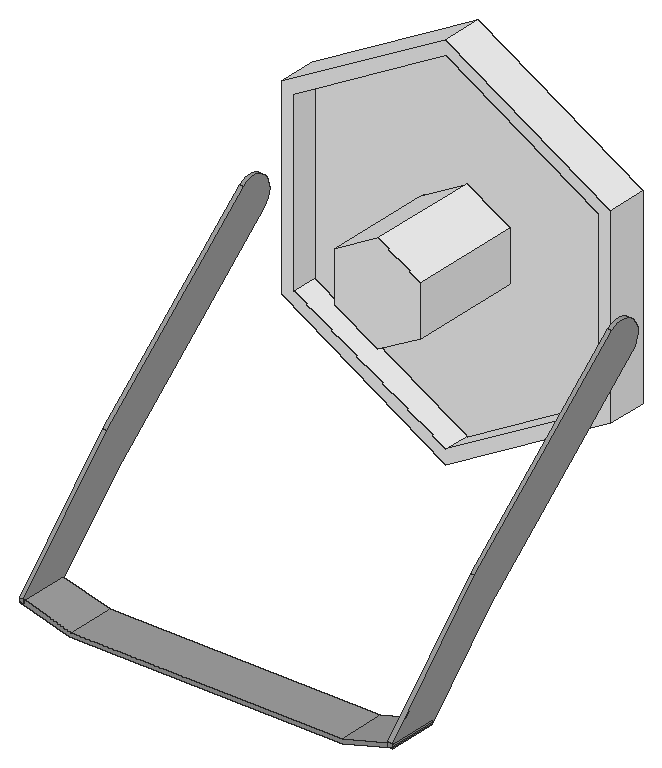
Revit family "Lighting-Floodlights-GEWISS-ESALITE-FL-LED_16K_DALI", category Apparecchi per illuminazione, host Superficie, Revit 2019 (continued)
Definition of nested family "Dal basso - FL"
  Lines and regions (mm)
    detail lines, in view "Livello rif."
      curve 96: line (225.006, 145.132, 0) -> (226.342, 142.813, 0)
      curve 97: line (212.5, 149.268, 0) -> (212.5, 150.475, 0)
      curve 98: line (212.5, 150.475, 0) -> (215.5, 150.475, 0)
      curve 99: line (80.012, 72.329, 0) -> (27.031, 65.537, 0)
      curve 100: arc (26.422, 62.752, 0) -> (26.601, 64.172, 0) -> (27.031, 65.537, 0) r 8
      curve 101: line (26.383, 61.637, 0) -> (26.411, 62.456, 0)
      curve 102: line (26.411, 62.456, 0) -> (26.423, 62.777, 0)
      curve 103: line (26.383, 61.637, 0) -> (25.755, 43.659, 0)
Types (12, lengths in mm): name | Versions | Technical sheet | Optic | Numero poli | Nominal flux (lm) | built-in parameter 1150142 | Modello | Lumen output (lm) | IDT | File diagramma fotometrico | Descrizione | Colour temperature:
  GWS6432GD - ESALITE 16K 30° 4000K PRO+V.GR.DALI | "4000K natural light" | "https://www.gewiss.com/ww/en/search?q=GWS6432GD" | "30°" | 2 | "17000" | "IESNA:LM-63-2002\r\n[TEST] GWS6432GD\r\n[TESTLAB] GEWISS\r\n[TESTDATE] 31 Aug 2018\r\n[ISSUEDATE] 31 Aug 2018\r\n[MANUFAC] GEWISS\r\n[LUMCAT] GWS6432GD\r\n[LUMINAIRE] ESALITE FL 16K+GLAS 30° GR. DALI LED840\r\n[FLASHAREA] 0.030706\r\n[LAMPCAT] LED 125W/4000K - 13300lm\r\n[LAMP] LED 125W/4000K - 13300lm\r\nTILT=NONE\r\n1 13300.00 1.0 34 19 1 2 -0.402 -0.402 0.000\r\n1.00 1.00 125.00\r\n0.00 1.00 2.00 3.00 4.00 5.00 6.00 7.00 8.00 9.00 10.00 \r\n11.00 12.00 13.00 14.00 15.00 17.50 20.00 22.50 25.00 \r\n27.50 30.00 35.00 40.00 45.00 50.00 55.00 60.00 65.00 \r\n70.00 75.00 80.00 85.00 90.00 \r\n0.00 5.00 10.00 15.00 20.00 25.00 30.00 35.00 40.00 45.00 \r\n50.00 55.00 60.00 65.00 70.00 75.00 80.00 85.00 90.00 \r\n24658.20 24466.68 23947.98 23127.37 22184.40 20994.05 \r\n19687.99 18227.65 16761.99 15283.03 13954.36 12860.97 \r\n12108.05 11583.37 11203.52 10894.83 10023.15 8824.82 \r\n7497.61 6449.17 5694.53 5016.23 3665.48 2384.82 996.29 \r\n789.94 790.91 885.99 766.97 615.52 464.36 298.97 113.07 \r\n0.38 \r\n24658.20 24453.38 23936.01 23124.71 22176.42 21011.34 \r\n19706.61 18255.58 16799.23 15330.91 14015.54 12931.19 \r\n12186.39 11659.05 11281.59 10976.49 10109.86 8908.61 \r\n7575.68 6509.55 5740.68 5056.26 3692.88 2399.99 998.86 \r\n789.26 789.81 883.89 769.21 615.72 467.03 303.44 113.92 \r\n0.38 \r\n24658.20 24460.03 23941.33 23128.70 22172.43 21011.34 \r\n19699.96 18247.60 16783.27 15309.63 13987.61 12908.98 \r\n12160.59 11627.92 11252.33 10945.77 10083.93 8881.34 \r\n7561.32 6487.21 5721.79 5042.96 3689.55 2393.47 999.19 \r\n791.03 790.29 879.89 771.03 613.83 472.95 306.95 114.95 \r\n0.40 \r\n24658.20 24460.03 23942.66 23138.01 22176.42 20998.04 \r\n19684.00 18231.64 16760.66 15281.70 13961.01 12891.42 \r\n12138.11 11599.46 11226.00 10917.84 10078.74 8877.75 \r\n7564.77 6473.78 5705.43 5038.71 3695.67 2394.27 1001.25 \r\n790.55 789.46 876.78 770.43 612.68 481.83 309.24 113.15 \r\n0.42 \r\n24658.20 24461.36 23942.66 23152.64 22199.03 21019.32 \r\n19706.61 18255.58 16789.92 15316.28 13991.60 12913.77 \r\n12152.74 11612.36 11235.57 10929.01 10108.66 8919.65 \r\n7599.22 6492.00 5709.82 5048.81 3708.71 2392.94 1000.57 \r\n790.58 789.42 871.93 770.07 614.99 491.05 311.79 110.93 \r\n0.44 \r\n24658.20 24460.03 23942.66 23157.96 22195.04 21008.68 \r\n19701.29 18252.92 16783.27 15308.30 13992.93 12914.70 \r\n12155.80 11611.96 11227.06 10922.63 10112.39 8925.50 \r\n7598.42 6483.09 5696.66 5042.30 3722.14 2400.52 1004.24 \r\n791.40 789.34 873.56 772.30 617.75 492.53 310.71 109.94 \r\n0.46 \r\n24658.20 24461.36 23937.34 23140.67 22201.69 21011.34 \r\n19703.95 18244.94 16772.63 15293.67 13983.62 12893.55 \r\n12135.85 11589.89 11202.46 10892.04 10092.71 8919.11 \r\n7594.70 6473.78 5679.77 5028.46 3724.53 2401.45 1003.74 \r\n789.62 786.56 871.36 771.05 616.34 492.55 308.44 106.93 \r\n0.48 \r\n24658.20 24461.36 23955.96 23165.94 22224.30 21044.59 \r\n19727.89 18276.86 16811.20 15337.56 14019.53 12923.48 \r\n12169.77 11624.73 11233.85 10920.10 10126.62 8955.42 \r\n7622.90 6491.73 5686.68 5036.98 3737.97 2409.56 1005.35 \r\n791.50 787.73 873.94 774.92 617.86 494.32 308.97 108.08 \r\n0.51 \r\n24658.20 24453.38 23941.33 23156.63 22208.34 21033.95 \r\n19709.27 18260.90 16797.90 15321.60 14004.90 12902.86 \r\n12146.09 11596.80 11203.26 10889.38 10097.36 8924.43 \r\n7598.42 6467.92 5664.60 5023.68 3734.37 2406.90 1007.53 \r\n791.78 786.87 874.77 775.39 614.66 493.72 309.24 108.11 \r\n0.52 \r\n24658.20 24446.73 23942.66 23165.94 22211.00 21032.62 \r\n19709.27 18255.58 16792.58 15312.29 13992.93 12891.29 \r\n12136.52 11586.43 11195.41 10879.40 10088.45 8923.77 \r\n7607.60 6475.37 5667.80 5026.34 3736.24 2407.30 1007.48 \r\n790.51 786.22 879.32 775.72 611.57 485.84 305.87 110.33 \r\n0.55 \r\n24658.20 24460.03 23955.96 23184.56 22229.62 21049.91 \r\n19723.90 18266.22 16801.89 15317.61 13992.93 12888.23 \r\n12129.47 11572.60 11179.98 10861.18 10070.09 8909.94 \r\n7599.22 6464.07 5658.35 5016.36 3729.05 2404.64 1006.93 \r\n790.30 786.12 888.88 776.73 613.78 474.32 305.87 112.43 \r\n0.58 \r\n24658.20 24466.68 23961.28 23180.57 22237.60 21067.20 \r\n19727.89 18266.22 16799.23 15318.94 14002.24 12904.33 \r\n12142.90 11585.50 11186.10 10861.31 10054.93 8892.78 \r\n7586.99 6459.15 5661.54 5014.50 3727.86 2404.24 1011.15 \r\n791.32 786.75 893.44 774.07 615.39 468.20 299.45 110.44 \r\n0.61 \r\n24658.20 24466.68 23973.25 23192.54 22246.91 21089.81 \r\n19755.82 18298.14 16837.80 15361.50 14047.46 12954.07 \r\n12187.06 11630.98 11223.47 10890.71 10076.48 8912.86 \r\n7607.33 6490.00 5695.33 5037.64 3732.78 2412.22 1016.20 \r\n792.03 787.57 895.45 775.46 617.57 468.67 296.39 109.85 \r\n0.63 \r\n24658.20 24460.03 23955.96 23184.56 22229.62 21076.51 \r\n19742.52 18278.19 16812.53 15333.57 14012.88 12921.61 \r\n12151.94 11595.21 11179.58 10845.35 10025.81 8865.91 \r\n7571.56 6475.77 5693.07 5036.71 3726.79 2409.30 1014.19 \r\n789.49 784.91 890.33 773.46 613.94 467.57 300.69 110.60 \r\n0.65 \r\n24658.20 24473.33 23974.58 23196.53 22246.91 21085.82 \r\n19745.18 18287.50 16824.50 15346.87 14028.84 12947.15 \r\n12181.87 11622.21 11203.39 10858.25 10025.94 8861.66 \r\n7568.36 6478.56 5702.38 5041.76 3729.99 2411.29 1015.55 \r\n791.27 786.27 886.64 776.72 613.21 470.67 304.10 109.31 \r\n0.67 \r\n24658.20 24468.01 23969.26 23197.86 22249.57 21096.46 \r\n19761.14 18307.45 16847.11 15372.14 14055.44 12992.90 \r\n12226.82 11665.56 11237.44 10885.78 10036.58 8858.47 \r\n7566.50 6488.41 5722.86 5056.93 3738.36 2417.01 1018.95 \r\n792.07 786.81 881.62 776.85 613.12 486.99 300.15 106.61 \r\n0.70 \r\n24658.20 24474.66 23975.91 23196.53 22261.54 21093.80 \r\n19755.82 18288.83 16819.18 15334.90 14004.90 12947.82 \r\n12181.20 11619.01 11185.83 10831.25 9966.36 8786.65 \r\n7517.56 6461.01 5710.49 5046.02 3728.39 2412.09 1018.38 \r\n792.13 786.12 875.27 774.37 611.19 490.24 300.91 102.98 \r\n0.71 \r\n24658.20 24474.66 23969.26 23197.86 22241.59 21108.43 \r\n19763.80 18299.47 16832.48 15348.20 14014.21 12974.95 \r\n12210.60 11643.49 11213.76 10860.65 9990.96 8802.07 \r\n7534.05 6473.64 5725.25 5057.59 3735.70 2420.47 1021.72 \r\n792.03 786.43 874.40 774.50 611.14 489.04 301.60 103.63 \r\n0.74 \r\n24658.20 24466.68 23961.28 23196.53 22266.86 21105.77 \r\n19782.42 18311.44 16843.12 15364.16 14028.84 12994.50 \r\n12230.15 11664.10 11245.55 10885.92 9997.34 8793.03 \r\n7520.49 6463.93 5713.68 5046.69 3730.52 2419.67 1020.35 \r\n792.36 786.88 873.56 773.09 612.33 486.17 309.04 101.54 \r\n0.74 \r\n" | "GWS6432GD" | "13300" | "0d2922fd50f54898bb1e4a8825be31cf" | "GWS6432GD.IES" | "ESALITE 16K 30° 4000K PRO+V.GR.DALI" | "4000 K (CRI>80)"
  GWS6432GD30K - ESALITE 16K 30° 3000K PRO+V.GR.DALI | "3000K warm light" | "https://www.gewiss.com/ww/en/search?q=GWS6432GD30K" | "30°" | 1 | "16000" | "IESNA:LM-63-2002\r\n[TEST] GWS6432GD30K\r\n[TESTLAB] GEWISS\r\n[TESTDATE] 31 Aug 2018\r\n[ISSUEDATE] 31 Aug 2018\r\n[MANUFAC] GEWISS\r\n[LUMCAT] GWS6432GD30K\r\n[LUMINAIRE] ESALITE FL 16K+GLAS 30° GR. DALI LED830\r\n[FLASHAREA] 0.030706\r\n[LAMPCAT] LED 125W/3000K - 12300lm\r\n[LAMP] LED 125W/3000K - 12300lm\r\nTILT=NONE\r\n1 12300.00 1.0 34 19 1 2 -0.402 -0.402 0.000\r\n1.00 1.00 125.00\r\n0.00 1.00 2.00 3.00 4.00 5.00 6.00 7.00 8.00 9.00 10.00 \r\n11.00 12.00 13.00 14.00 15.00 17.50 20.00 22.50 25.00 \r\n27.50 30.00 35.00 40.00 45.00 50.00 55.00 60.00 65.00 \r\n70.00 75.00 80.00 85.00 90.00 \r\n0.00 5.00 10.00 15.00 20.00 25.00 30.00 35.00 40.00 45.00 \r\n50.00 55.00 60.00 65.00 70.00 75.00 80.00 85.00 90.00 \r\n22804.20 22627.08 22147.38 21388.47 20516.40 19415.55 \r\n18207.69 16857.15 15501.69 14133.93 12905.16 11893.98 \r\n11197.67 10712.44 10361.15 10075.67 9269.53 8161.30 \r\n6933.88 5964.27 5266.37 4639.07 3389.88 2205.51 921.38 \r\n730.55 731.44 819.38 709.30 569.24 429.44 276.49 104.57 \r\n0.35 \r\n22804.20 22614.78 22136.31 21386.01 20509.02 19431.54 \r\n18224.91 16882.98 15536.13 14178.21 12961.74 11958.92 \r\n11270.12 10782.43 10433.35 10151.19 9349.72 8238.79 \r\n7006.08 6020.11 5309.05 4676.09 3415.22 2219.53 923.75 \r\n729.92 730.42 817.43 711.37 569.43 431.91 280.62 105.35 \r\n0.35 \r\n22804.20 22620.93 22141.23 21389.70 20505.33 19431.54 \r\n18218.76 16875.60 15521.37 14158.53 12935.91 11938.38 \r\n11246.26 10753.64 10406.29 10122.78 9325.74 8213.57 \r\n6992.80 5999.45 5291.58 4663.79 3412.14 2213.51 924.06 \r\n731.55 730.87 813.73 713.06 567.68 437.39 283.87 106.31 \r\n0.37 \r\n22804.20 22620.93 22142.46 21398.31 20509.02 19419.24 \r\n18204.00 16860.84 15500.46 14132.70 12911.31 11922.14 \r\n11225.47 10727.32 10381.94 10096.95 9320.94 8210.25 \r\n6995.99 5987.03 5276.45 4659.86 3417.80 2214.25 925.97 \r\n731.11 730.10 810.85 712.50 566.61 445.60 285.99 104.64 \r\n0.38 \r\n22804.20 22622.16 22142.46 21411.84 20529.93 19438.92 \r\n18224.91 16882.98 15527.52 14164.68 12939.60 11942.81 \r\n11239.00 10739.25 10390.79 10107.28 9348.61 8249.00 \r\n7027.85 6003.88 5280.51 4669.20 3429.86 2213.02 925.34 \r\n731.14 730.07 806.38 712.17 568.75 454.13 288.35 102.59 \r\n0.40 \r\n22804.20 22620.93 22142.46 21416.76 20526.24 19429.08 \r\n18219.99 16880.52 15521.37 14157.30 12940.83 11943.67 \r\n11241.83 10738.88 10382.92 10101.38 9352.06 8254.41 \r\n7027.11 5995.64 5268.34 4663.18 3442.28 2220.03 928.74 \r\n731.90 729.99 807.88 714.24 571.30 455.49 287.35 101.67 \r\n0.43 \r\n22804.20 22622.16 22137.54 21400.77 20532.39 19431.54 \r\n18222.45 16873.14 15511.53 14143.77 12932.22 11924.11 \r\n11223.38 10718.47 10360.17 10073.09 9333.86 8248.50 \r\n7023.67 5987.03 5252.72 4650.38 3444.49 2220.89 928.27 \r\n730.25 727.42 805.85 713.08 569.99 455.52 285.25 98.89 \r\n0.45 \r\n22804.20 22622.16 22154.76 21424.14 20553.30 19462.29 \r\n18244.59 16902.66 15547.20 14184.36 12965.43 11951.79 \r\n11254.75 10750.69 10389.19 10099.04 9365.22 8282.08 \r\n7049.74 6003.63 5259.11 4658.26 3456.92 2228.39 929.76 \r\n731.99 728.50 808.23 716.66 571.41 457.15 285.74 99.95 \r\n0.47 \r\n22804.20 22614.78 22141.23 21415.53 20538.54 19452.45 \r\n18227.37 16887.90 15534.90 14169.60 12951.90 11932.72 \r\n11232.85 10724.86 10360.91 10070.63 9338.16 8253.42 \r\n7027.11 5981.61 5238.69 4645.96 3453.59 2225.93 931.77 \r\n732.24 727.70 809.00 717.09 568.44 456.60 285.99 99.98 \r\n0.49 \r\n22804.20 22608.63 22142.46 21424.14 20541.00 19451.22 \r\n18227.37 16882.98 15529.98 14160.99 12940.83 11922.02 \r\n11224.00 10715.27 10353.65 10061.40 9329.92 8252.81 \r\n7035.60 5988.50 5241.65 4648.42 3455.32 2226.30 931.73 \r\n731.08 727.10 813.20 717.40 565.59 449.31 282.88 102.03 \r\n0.51 \r\n22804.20 22620.93 22154.76 21441.36 20558.22 19467.21 \r\n18240.90 16892.82 15538.59 14165.91 12940.83 11919.19 \r\n11217.48 10702.48 10339.38 10044.55 9312.94 8240.02 \r\n7027.85 5978.05 5232.91 4639.19 3448.67 2223.84 931.22 \r\n730.88 727.02 822.05 718.33 567.63 438.65 282.88 103.98 \r\n0.54 \r\n22804.20 22627.08 22159.68 21437.67 20565.60 19483.20 \r\n18244.59 16892.82 15536.13 14167.14 12949.44 11934.08 \r\n11229.90 10714.41 10345.04 10044.67 9298.92 8224.15 \r\n7016.54 5973.49 5235.86 4637.47 3447.57 2223.47 935.12 \r\n731.83 727.59 826.26 715.87 569.12 433.00 276.93 102.14 \r\n0.56 \r\n22804.20 22627.08 22170.75 21448.74 20574.21 19504.11 \r\n18270.42 16922.34 15571.80 14206.50 12991.26 11980.08 \r\n11270.74 10756.47 10379.60 10071.86 9318.85 8242.72 \r\n7035.35 6002.03 5267.11 4658.87 3452.12 2230.85 939.79 \r\n732.48 728.36 828.12 717.15 571.14 433.43 274.11 101.59 \r\n0.58 \r\n22804.20 22620.93 22154.76 21441.36 20558.22 19491.81 \r\n18258.12 16903.89 15548.43 14180.67 12959.28 11950.07 \r\n11238.26 10723.39 10339.01 10029.91 9271.99 8199.30 \r\n7002.27 5988.87 5265.02 4658.01 3446.58 2228.14 937.94 \r\n730.13 725.90 823.39 715.31 567.78 432.42 278.08 102.28 \r\n0.60 \r\n22804.20 22633.23 22171.98 21452.43 20574.21 19500.42 \r\n18260.58 16912.50 15559.50 14192.97 12974.04 11973.68 \r\n11265.94 10748.36 10361.03 10041.84 9272.11 8195.37 \r\n6999.31 5991.45 5273.63 4662.68 3449.53 2229.99 939.19 \r\n731.78 727.15 819.98 718.32 567.10 435.28 281.24 101.09 \r\n0.62 \r\n22804.20 22628.31 22167.06 21453.66 20576.67 19510.26 \r\n18275.34 16930.95 15580.41 14216.34 12998.64 12015.99 \r\n11307.51 10788.45 10392.52 10067.30 9281.95 8192.41 \r\n6997.59 6000.56 5292.57 4676.71 3457.28 2235.28 942.34 \r\n732.51 727.66 815.33 718.44 567.02 450.38 277.59 98.60 \r\n0.64 \r\n22804.20 22634.46 22173.21 21452.43 20587.74 19507.80 \r\n18270.42 16913.73 15554.58 14181.90 12951.90 11974.30 \r\n11265.32 10745.40 10344.79 10016.87 9217.01 8125.99 \r\n6952.33 5975.22 5281.13 4666.62 3448.06 2230.73 941.81 \r\n732.58 727.02 809.46 716.14 565.23 453.38 278.29 95.23 \r\n0.66 \r\n22804.20 22634.46 22167.06 21453.66 20569.29 19521.33 \r\n18277.80 16923.57 15566.88 14194.20 12960.51 11999.39 \r\n11292.51 10768.04 10370.62 10044.06 9239.76 8140.26 \r\n6967.58 5986.90 5294.78 4677.32 3454.82 2238.48 944.90 \r\n732.48 727.30 808.65 716.27 565.19 452.27 278.93 95.84 \r\n0.68 \r\n22804.20 22627.08 22159.68 21452.43 20592.66 19518.87 \r\n18295.02 16934.64 15576.72 14208.96 12974.04 12017.47 \r\n11310.59 10787.10 10400.02 10067.43 9245.66 8131.90 \r\n6955.04 5977.92 5284.08 4667.24 3450.03 2237.74 943.63 \r\n732.78 727.72 807.88 714.96 566.29 449.61 285.80 93.90 \r\n0.68 \r\n" | "GWS6432GD30K" | "12300" | "7580a658f19e41a0b2273319b9f35356" | "GWS6432GD30K.IES" | "ESALITE 16K 30° 3000K PRO+V.GR.DALI" | "3000 K (CRI>80)"
  GWS6432GD57K - ESALITE 16K 30° 5700K PRO+V.GR.DALI | "5700K cold light" | "https://www.gewiss.com/ww/en/search?q=GWS6432GD57K" | "30°" | 1 | "17000" | "IESNA:LM-63-2002\r\n[TEST] GWS6432GD57K\r\n[TESTLAB] GEWISS\r\n[TESTDATE] 31 Aug 2018\r\n[ISSUEDATE] 31 Aug 2018\r\n[MANUFAC] GEWISS\r\n[LUMCAT] GWS6432GD57K\r\n[LUMINAIRE] ESALITE FL 16K+GLAS 30° GR. DALI LED857\r\n[FLASHAREA] 0.030706\r\n[LAMPCAT] LED 125W/5700K - 13300lm\r\n[LAMP] LED 125W/5700K - 13300lm\r\nTILT=NONE\r\n1 13300.00 1.0 34 19 1 2 -0.402 -0.402 0.000\r\n1.00 1.00 125.00\r\n0.00 1.00 2.00 3.00 4.00 5.00 6.00 7.00 8.00 9.00 10.00 \r\n11.00 12.00 13.00 14.00 15.00 17.50 20.00 22.50 25.00 \r\n27.50 30.00 35.00 40.00 45.00 50.00 55.00 60.00 65.00 \r\n70.00 75.00 80.00 85.00 90.00 \r\n0.00 5.00 10.00 15.00 20.00 25.00 30.00 35.00 40.00 45.00 \r\n50.00 55.00 60.00 65.00 70.00 75.00 80.00 85.00 90.00 \r\n24658.20 24466.68 23947.98 23127.37 22184.40 20994.05 \r\n19687.99 18227.65 16761.99 15283.03 13954.36 12860.97 \r\n12108.05 11583.37 11203.52 10894.83 10023.15 8824.82 \r\n7497.61 6449.17 5694.53 5016.23 3665.48 2384.82 996.29 \r\n789.94 790.91 885.99 766.97 615.52 464.36 298.97 113.07 \r\n0.38 \r\n24658.20 24453.38 23936.01 23124.71 22176.42 21011.34 \r\n19706.61 18255.58 16799.23 15330.91 14015.54 12931.19 \r\n12186.39 11659.05 11281.59 10976.49 10109.86 8908.61 \r\n7575.68 6509.55 5740.68 5056.26 3692.88 2399.99 998.86 \r\n789.26 789.81 883.89 769.21 615.72 467.03 303.44 113.92 \r\n0.38 \r\n24658.20 24460.03 23941.33 23128.70 22172.43 21011.34 \r\n19699.96 18247.60 16783.27 15309.63 13987.61 12908.98 \r\n12160.59 11627.92 11252.33 10945.77 10083.93 8881.34 \r\n7561.32 6487.21 5721.79 5042.96 3689.55 2393.47 999.19 \r\n791.03 790.29 879.89 771.03 613.83 472.95 306.95 114.95 \r\n0.40 \r\n24658.20 24460.03 23942.66 23138.01 22176.42 20998.04 \r\n19684.00 18231.64 16760.66 15281.70 13961.01 12891.42 \r\n12138.11 11599.46 11226.00 10917.84 10078.74 8877.75 \r\n7564.77 6473.78 5705.43 5038.71 3695.67 2394.27 1001.25 \r\n790.55 789.46 876.78 770.43 612.68 481.83 309.24 113.15 \r\n0.42 \r\n24658.20 24461.36 23942.66 23152.64 22199.03 21019.32 \r\n19706.61 18255.58 16789.92 15316.28 13991.60 12913.77 \r\n12152.74 11612.36 11235.57 10929.01 10108.66 8919.65 \r\n7599.22 6492.00 5709.82 5048.81 3708.71 2392.94 1000.57 \r\n790.58 789.42 871.93 770.07 614.99 491.05 311.79 110.93 \r\n0.44 \r\n24658.20 24460.03 23942.66 23157.96 22195.04 21008.68 \r\n19701.29 18252.92 16783.27 15308.30 13992.93 12914.70 \r\n12155.80 11611.96 11227.06 10922.63 10112.39 8925.50 \r\n7598.42 6483.09 5696.66 5042.30 3722.14 2400.52 1004.24 \r\n791.40 789.34 873.56 772.30 617.75 492.53 310.71 109.94 \r\n0.46 \r\n24658.20 24461.36 23937.34 23140.67 22201.69 21011.34 \r\n19703.95 18244.94 16772.63 15293.67 13983.62 12893.55 \r\n12135.85 11589.89 11202.46 10892.04 10092.71 8919.11 \r\n7594.70 6473.78 5679.77 5028.46 3724.53 2401.45 1003.74 \r\n789.62 786.56 871.36 771.05 616.34 492.55 308.44 106.93 \r\n0.48 \r\n24658.20 24461.36 23955.96 23165.94 22224.30 21044.59 \r\n19727.89 18276.86 16811.20 15337.56 14019.53 12923.48 \r\n12169.77 11624.73 11233.85 10920.10 10126.62 8955.42 \r\n7622.90 6491.73 5686.68 5036.98 3737.97 2409.56 1005.35 \r\n791.50 787.73 873.94 774.92 617.86 494.32 308.97 108.08 \r\n0.51 \r\n24658.20 24453.38 23941.33 23156.63 22208.34 21033.95 \r\n19709.27 18260.90 16797.90 15321.60 14004.90 12902.86 \r\n12146.09 11596.80 11203.26 10889.38 10097.36 8924.43 \r\n7598.42 6467.92 5664.60 5023.68 3734.37 2406.90 1007.53 \r\n791.78 786.87 874.77 775.39 614.66 493.72 309.24 108.11 \r\n0.52 \r\n24658.20 24446.73 23942.66 23165.94 22211.00 21032.62 \r\n19709.27 18255.58 16792.58 15312.29 13992.93 12891.29 \r\n12136.52 11586.43 11195.41 10879.40 10088.45 8923.77 \r\n7607.60 6475.37 5667.80 5026.34 3736.24 2407.30 1007.48 \r\n790.51 786.22 879.32 775.72 611.57 485.84 305.87 110.33 \r\n0.55 \r\n24658.20 24460.03 23955.96 23184.56 22229.62 21049.91 \r\n19723.90 18266.22 16801.89 15317.61 13992.93 12888.23 \r\n12129.47 11572.60 11179.98 10861.18 10070.09 8909.94 \r\n7599.22 6464.07 5658.35 5016.36 3729.05 2404.64 1006.93 \r\n790.30 786.12 888.88 776.73 613.78 474.32 305.87 112.43 \r\n0.58 \r\n24658.20 24466.68 23961.28 23180.57 22237.60 21067.20 \r\n19727.89 18266.22 16799.23 15318.94 14002.24 12904.33 \r\n12142.90 11585.50 11186.10 10861.31 10054.93 8892.78 \r\n7586.99 6459.15 5661.54 5014.50 3727.86 2404.24 1011.15 \r\n791.32 786.75 893.44 774.07 615.39 468.20 299.45 110.44 \r\n0.61 \r\n24658.20 24466.68 23973.25 23192.54 22246.91 21089.81 \r\n19755.82 18298.14 16837.80 15361.50 14047.46 12954.07 \r\n12187.06 11630.98 11223.47 10890.71 10076.48 8912.86 \r\n7607.33 6490.00 5695.33 5037.64 3732.78 2412.22 1016.20 \r\n792.03 787.57 895.45 775.46 617.57 468.67 296.39 109.85 \r\n0.63 \r\n24658.20 24460.03 23955.96 23184.56 22229.62 21076.51 \r\n19742.52 18278.19 16812.53 15333.57 14012.88 12921.61 \r\n12151.94 11595.21 11179.58 10845.35 10025.81 8865.91 \r\n7571.56 6475.77 5693.07 5036.71 3726.79 2409.30 1014.19 \r\n789.49 784.91 890.33 773.46 613.94 467.57 300.69 110.60 \r\n0.65 \r\n24658.20 24473.33 23974.58 23196.53 22246.91 21085.82 \r\n19745.18 18287.50 16824.50 15346.87 14028.84 12947.15 \r\n12181.87 11622.21 11203.39 10858.25 10025.94 8861.66 \r\n7568.36 6478.56 5702.38 5041.76 3729.99 2411.29 1015.55 \r\n791.27 786.27 886.64 776.72 613.21 470.67 304.10 109.31 \r\n0.67 \r\n24658.20 24468.01 23969.26 23197.86 22249.57 21096.46 \r\n19761.14 18307.45 16847.11 15372.14 14055.44 12992.90 \r\n12226.82 11665.56 11237.44 10885.78 10036.58 8858.47 \r\n7566.50 6488.41 5722.86 5056.93 3738.36 2417.01 1018.95 \r\n792.07 786.81 881.62 776.85 613.12 486.99 300.15 106.61 \r\n0.70 \r\n24658.20 24474.66 23975.91 23196.53 22261.54 21093.80 \r\n19755.82 18288.83 16819.18 15334.90 14004.90 12947.82 \r\n12181.20 11619.01 11185.83 10831.25 9966.36 8786.65 \r\n7517.56 6461.01 5710.49 5046.02 3728.39 2412.09 1018.38 \r\n792.13 786.12 875.27 774.37 611.19 490.24 300.91 102.98 \r\n0.71 \r\n24658.20 24474.66 23969.26 23197.86 22241.59 21108.43 \r\n19763.80 18299.47 16832.48 15348.20 14014.21 12974.95 \r\n12210.60 11643.49 11213.76 10860.65 9990.96 8802.07 \r\n7534.05 6473.64 5725.25 5057.59 3735.70 2420.47 1021.72 \r\n792.03 786.43 874.40 774.50 611.14 489.04 301.60 103.63 \r\n0.74 \r\n24658.20 24466.68 23961.28 23196.53 22266.86 21105.77 \r\n19782.42 18311.44 16843.12 15364.16 14028.84 12994.50 \r\n12230.15 11664.10 11245.55 10885.92 9997.34 8793.03 \r\n7520.49 6463.93 5713.68 5046.69 3730.52 2419.67 1020.35 \r\n792.36 786.88 873.56 773.09 612.33 486.17 309.04 101.54 \r\n0.74 \r\n" | "GWS6432GD57K" | "13300" | "84c4c569ae634846a309268b5cb1e554" | "GWS6432GD57K.IES" | "ESALITE 16K 30° 5700K PRO+V.GR.DALI" | "5700 K (CRI>80)"
